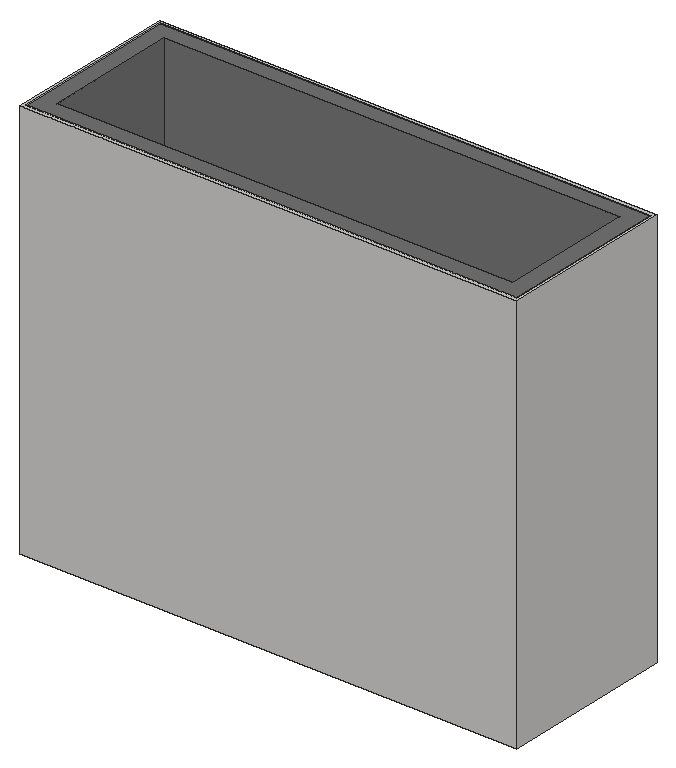
Revit family "22-90001024-25_BIM File", category Pipe Accessories, host Face, Revit 2023
Family settings
  Host = Face
  Round Connector Dimension = Use Diameter
  Part Type = Normal
  Cut with Voids When Loaded = No
  Shared = No
Parameters (values of type "90001025")
  URL = "https://www.airflow.co.uk"
  Type IFC Predefined Type = "USERDEFINED"
  Type Comments = "Vent Duct Fire Sleeve"
  Rectangular = yes
  R_Offset = 0.0 mm
  R_Length = 180.0 mm
  ProjectionFromFace [instance] = 5.0 mm
  Export Type to IFC As = "IfcBuildingElementProxyType"
  Circular = no
  SpaceRequired = 9.0 mm
  _DistributedBy = "Airflow"
  _CurrentRevision = 1
  _CreatedBy = "Airflow"
  _BimSpecGuid = 0
  _BSBibleVersion = 16
  _AuthorizedBy = "Airflow"
  _Author = "AM"
  WarrantyStartDate = "Please Record On Commissioning."
  WarrantyGuarantorParts = "info@aiflow.com"
  WarrantyGuarantorLabor = "info@airflow.com"
  WarrantyDurationUnit = "Year"
  WarrantyDurationParts = "0"
  WarrantyDurationLabor = "0"
  WarrantyDescription = "n/a"
  TypeName = Type Comments  # "Vent Duct Fire Sleeve"
  SpareParts = "n/a"
  Size = "230mm x 85mm x 180mm"
  ShellMaterial = Airflow - Galvanised Steel
  Shape = "Rectangular"
  SerialNumber = "Please Record On Commissioning."
  ReplacementCost = "0"
  ReferencedStandard = "Tested to BSEN 1366-3: 2009 Classified according to EN 13501-2: 2007 + A1: 2009"
  OuterSleeveRadius = DuctRadius + SpaceRequired  # 111.5 mm
  Model = "90001025"
  Manufacturer = "Airflow"
  Keynote = "Z12"
  IntumescentMaterial = Airflow - Intumescent Material
  C_Offset = 20.0 mm
  Length = 180.0 mm
  InnerSleeveRadius = DuctRadius + SpaceRequired - 1.5 mm  # 110.0 mm
  FireRating = "120 minutes"
  DuctWidth = 205.0 mm
  DuctSize = "205 x 60mm"
  DuctRadius = DuctWidth / 2  # 102.5 mm
  DuctODRadius [instance] = DuctOD / 2  # 75.0 mm
  DuctOD [instance] = 150.0 mm
  DuctHeight = 60.0 mm
  Description = "205x 60 Rectangular Double Ended Fire Sleeve"
  C_Length = 5.0 mm
  Assembly Code = ""
  ApertureRadius = ApertureWidth / 2  # 112.5 mm
  ApertureHeight = 80.0 mm
  ApertureWidth = 225.0 mm
  ProductionYear = "2019"
  NominalLength = Length  # 180.0 mm
  NominalHeight = DuctHeight + (SpaceRequired * 2)  # 78.0 mm
  NominalDepth = DuctWidth + (SpaceRequired * 2)  # 223.0 mm
  NBSReference = "90-10-60/405"
  NBSOfficeMasterTag = "n/a"
  NBSObjectName = "Airflow - Pipe sleeves"
  NBSNote = "n/a"
  NBSDescription = "Pipe sleeves"
  ModelReference = Type Comments  # "Vent Duct Fire Sleeve"
  Material = "Intumescent"
  ManufacturerName = "Airflow"
  InstallationDate = "Please Record On Commissioning."
  IfcExportType = "USERDEFINED"
  IfcExportAs = "IfcBuildingElementProxyType"
  Grade = "n/a"
  Finish = "Galvanised Steel"
  Features = "n/a"
  ExpectedLife = 0
  DurationUnit = "Year"
  DocumentationTechnical = "https://www.airflow.com/product/intumescent-range/90001025"
  DocumentationInstallationGuide = "https://www.airflow.com/product/intumescent-range/90001025"
  Default Elevation = 0.0 mm
  CreatedOn = "2019-10-03 T09:00:00"
  CreatedBy = "Airflow"
  Constituents = "n/a"
  Color = "Metal"
  CodePerformance = "n/a"
  ClassificationValue = "Pr_65_52_61_15"
  ClassificationName = "Uniclass2015"
  BarCode = "Please Record On Commissioning."
  BIMObjectName = "90001025_BIM File"
  AssetType = "Fixed"
  AssetIdentifier = "Please Record On Commissioning."
  AccessibilityPerformance = "n/a"
Types (3, lengths in mm): name | URL | Type Comments | Rectangular | R_Offset | R_Length | Circular | SpaceRequired | WarrantyGuarantorParts | TypeName | Size | Shape | OuterSleeveRadius | Model | Keynote | C_Offset | Length | InnerSleeveRadius | FireRating | DuctWidth | DuctSize | DuctRadius | DuctODRadius | DuctOD | DuctHeight | Description | C_Length | ApertureRadius | ApertureHeight | ApertureWidth | NominalLength | NominalHeight | NominalDepth | NBSObjectName | ModelReference | DocumentationTechnical | DocumentationInstallationGuide | BIMObjectName
  90001022 | "https://www.airflow.com" | "Vent Duct Fire Sleeve" | no | 20.0 | 5.0 | yes | 10.0 | "info@airflow.com" | "Vent Duct Fire Sleeve" | "Ø95mm x 140mm" | "Cylindrical" | 47.5 | "90001022" | 0.0 | 0.0 | 140.0 | 46.0 | "120 minutes" | 75.0 | "Ø 75mm" | 37.5 | 37.5 | 75.0 | 75.0 | "Fire Sleeve 75mm Diameter Double Ended" | 140.0 | 48.5 | 97.0 | 97.0 | 140.0 | 95.0 | 95.0 | "75mm Double Ended Fire Sleeve" | "Vent Duct Fire Sleeve" | "https://www.airflow.com/product/all/90001022?description=90001022" | "https://www.airflow.com/product/all/90001022?description=90001022" | "90001022_BIM File"
  90001024 | "https://www.airflow.com" | "Duct Fire Sleeve" | no | 20.0 | 5.0 | yes | 20.0 | "info@airflow.com" | "Duct Fire Sleeve" | "Ø165mm x 180mm" | "Cylindrical" | 82.5 | "90001024" | "Z12" | 0.0 | 180.0 | 81.0 | "90 minutes" | 125.0 | "Ø 125mm" | 62.5 | 62.5 | 125.0 | 125.0 | "Fire Sleeve 125mm Diameter Double Ended" | 180.0 | 85.0 | 170.0 | 170.0 | 180.0 | 165.0 | 165.0 | "Airflow - Pipe sleeves" | "Duct Fire Sleeve" | "https://www.airflow.com/product/intumescent-range/90001024" | "https://www.airflow.com/product/intumescent-range/90001024" | "90001024_BIM File"
  90001025 | "https://www.airflow.co.uk" | "Vent Duct Fire Sleeve" | yes | 0.0 | 180.0 | no | 9.0 | "info@aiflow.com" | "Vent Duct Fire Sleeve" | "230mm x 85mm x 180mm" | "Rectangular" | 111.5 | "90001025" | "Z12" | 20.0 | 180.0 | 110.0 | "120 minutes" | 205.0 | "205 x 60mm" | 102.5 | 75.0 | 150.0 | 60.0 | "205x 60 Rectangular Double Ended Fire Sleeve" | 5.0 | 112.5 | 80.0 | 225.0 | 180.0 | 78.0 | 223.0 | "Airflow - Pipe sleeves" | "Vent Duct Fire Sleeve" | "https://www.airflow.com/product/intumescent-range/90001025" | "https://www.airflow.com/product/intumescent-range/90001025" | "90001025_BIM File"
Reference planes
  plane 1 "Center (Front/Back)": y = 0
  plane 2: z = 0
  plane 3 "Center (Left/Right)": x = 0
  plane 4: x = -102.5
  plane 5: y = -30
  plane 6: y = 30
  plane 7: x = 102.5
  plane 8: x = -112.5
  plane 9: x = 112.5
  plane 10: y = 40
  plane 11: y = -40
  plane 12: x = -111.5
  plane 13: y = 39
  plane 14: x = 111.5
  plane 15: y = -39
  plane 16: x = -110
  plane 17: y = 37.5
  plane 18: y = -37.5
  plane 19: x = 110
Forms (mm)
  Extrusion 1, solid, material "Airflow - Intumescent Material" <- "IntumescentMaterial", visible <- "Circular"
    sketch origin (-1524, -4572, 5) x (-1, 0, 0) y (0, -1, 0)
      loop
        circle (-1524, -4572) r 75
      loop
        circle (-1524, -4572) r 110
    from 15 to 20
  Extrusion 2, solid, material "Airflow - Galvanised Steel" <- "ShellMaterial", visible <- "Circular"
    sketch origin (-1524, -4572, 5) x (-1, 0, 0) y (0, -1, 0)
      loop
        circle (-1524, -4572) r 110
      loop
        circle (-1524, -4572) r 111.5
    from 15 to 20
  Extrusion 3, void
    sketch origin (-1524, -4572, 5) x (-1, 0, 0) y (0, -1, 0)
      loop
        circle (-1524, -4572) r 112.5
    from 15 to 20
  Extrusion 4, void
    sketch origin (-1524, -4572, 5) x (-1, 0, 0) y (0, -1, 0)
      loop
        line (-1411.5, -4612) -> (-1411.5, -4532) -> (-1636.5, -4532) -> (-1636.5, -4612) -> (-1411.5, -4612)
    from -180 to 0
  Extrusion 5, solid, material "Airflow - Galvanised Steel", visible <- "Rectangular"
    sketch origin (-1524, -4572, 5) x (-1, 0, 0) y (0, -1, 0)
      loop
        line (-1412.5, -4611) -> (-1412.5, -4533) -> (-1635.5, -4533) -> (-1635.5, -4611) -> (-1412.5, -4611)
      loop
        line (-1414, -4609.5) -> (-1414, -4534.5) -> (-1634, -4534.5) -> (-1634, -4609.5) -> (-1414, -4609.5)
    from -180 to 0
  Extrusion 6, solid, material "Airflow - Intumescent Material", visible <- "Rectangular"
    sketch origin (-1524, -4572, 5) x (-1, 0, 0) y (0, -1, 0)
      loop
        line (-1414, -4609.5) -> (-1414, -4534.5) -> (-1634, -4534.5) -> (-1634, -4609.5) -> (-1414, -4609.5)
      loop
        line (-1421.5, -4602) -> (-1421.5, -4542) -> (-1626.5, -4542) -> (-1626.5, -4602) -> (-1421.5, -4602)
    from -180 to 0
Lines and regions (mm)
  reference lines
    curve 1: line (112.5, 0, 20) -> (-112.5, 0, 20)
    curve 2: line (112.5, 0, 25) -> (-112.5, 0, 25)
    curve 3: line (112.5, 0, 20) -> (-112.5, 0, 20)
    curve 4: line (132.5, 0, 0) -> (-132.5, 0, 0)
    curve 5: line (132.5, 0, 5) -> (-132.5, 0, 5)
    curve 6: line (132.5, 0, -175) -> (-132.5, 0, -175)
Dimensions and locks
  equal spacing: plane 5, plane 1 "Center (Front/Back)", plane 6
  "DuctHeight": plane 5 to plane 6
  equal spacing: plane 4, plane 3 "Center (Left/Right)", plane 7
  "DuctWidth": plane 4 to plane 7
  equal spacing: plane 11, plane 1 "Center (Front/Back)", plane 10
  "ApertureHeight": plane 11 to plane 10
  equal spacing: plane 8, plane 3 "Center (Left/Right)", plane 9
  "ApertureWidth": plane 8 to plane 9
  "SpaceRequired": plane 7 to plane 14
  "SpaceRequired": plane 12 to plane 4
  "SpaceRequired": plane 5 to plane 15
  "SpaceRequired": plane 6 to plane 13
  locked: plane 12 to plane 16 at 1.5
  locked: plane 19 to plane 14 at 1.5
  locked: plane 17 to plane 13 at 1.5
  locked: plane 18 to plane 15 at 1.5
  "C_Offset": curve 1 to level
  "ProjectionFromFace": curve 2 to curve 1
  "C_Length": curve 2 to curve 3
  "R_Offset": curve 4 to level
  "ProjectionFromFace": curve 5 to curve 4
  "R_Length": curve 5 to curve 6
  "DuctODRadius": radius of Extrusion 1 sketch curve
  "InnerSleeveRadius": radius of Extrusion 1 sketch curve
  "InnerSleeveRadius": radius of Extrusion 2 sketch curve
  "OuterSleeveRadius": radius of Extrusion 2 sketch curve
  "ApertureRadius": radius of Extrusion 3 sketch curve
  aligned and locked: host face to plane 2
  aligned and locked: host face to level
  aligned and locked: plane 1 "Center (Front/Back)" to Extrusion 1 sketch curve  (x2)
  aligned and locked: plane 3 "Center (Left/Right)" to Extrusion 1 sketch curve  (x2)
  aligned and locked: plane 1 "Center (Front/Back)" to Extrusion 2 sketch curve  (x2)
  aligned and locked: plane 3 "Center (Left/Right)" to Extrusion 2 sketch curve  (x2)
  aligned and locked: plane 1 "Center (Front/Back)" to Extrusion 3 sketch curve
  aligned and locked: plane 3 "Center (Left/Right)" to Extrusion 3 sketch curve
  aligned and locked: curve 2 to Extrusion 2
  aligned and locked: Extrusion 2 to curve 3
  aligned and locked: curve 2 to Extrusion 1
  aligned and locked: Extrusion 1 to curve 3
  aligned and locked: curve 2 to Extrusion 3
  aligned and locked: Extrusion 3 to curve 3
  aligned and locked: plane 10 to Extrusion 4 sketch curve
  aligned and locked: plane 8 to Extrusion 4 sketch curve
  aligned and locked: Extrusion 4 sketch curve to plane 11
  aligned and locked: plane 9 to Extrusion 4 sketch curve
  aligned and locked: curve 5 to Extrusion 4
  aligned and locked: Extrusion 4 to curve 6
  aligned and locked: plane 13 to Extrusion 5 sketch curve
  aligned and locked: plane 12 to Extrusion 5 sketch curve
  aligned and locked: plane 15 to Extrusion 5 sketch curve
  aligned and locked: plane 14 to Extrusion 5 sketch curve
  aligned and locked: plane 17 to Extrusion 5 sketch curve
  aligned and locked: plane 16 to Extrusion 5 sketch curve
  aligned and locked: plane 18 to Extrusion 5 sketch curve
  aligned and locked: plane 19 to Extrusion 5 sketch curve
  aligned and locked: curve 5 to Extrusion 5
  aligned and locked: Extrusion 5 to curve 6
  aligned and locked: plane 17 to Extrusion 6 sketch curve
  aligned and locked: plane 16 to Extrusion 6 sketch curve
  aligned and locked: plane 18 to Extrusion 6 sketch curve
  aligned and locked: plane 19 to Extrusion 6 sketch curve
  aligned and locked: plane 6 to Extrusion 6 sketch curve
  aligned and locked: plane 4 to Extrusion 6 sketch curve
  aligned and locked: plane 5 to Extrusion 6 sketch curve
  aligned and locked: plane 7 to Extrusion 6 sketch curve
  aligned and locked: Extrusion 6 to curve 6
  aligned and locked: curve 5 to Extrusion 6
Automatic sketch dimensions
  host sketch curve to host sketch curve = 2438.4 mm  (x2)
  curve 1 to plane 8 = 0.0 mm
  curve 3 to plane 8 = 0.0 mm
  curve 2 to plane 8 = 0.0 mm
  plane 9 to curve 1 = 0.0 mm
  plane 9 to curve 3 = 0.0 mm
  plane 9 to curve 2 = 0.0 mm
  curve 5 to plane 8 = 20.0 mm
  curve 5 to curve 4 = 0.0 mm  (x2)
  curve 6 to curve 4 = 0.0 mm
  curve 6 to plane 9 = 20.0 mm
  curve 4 to curve 6 = 0.0 mm
